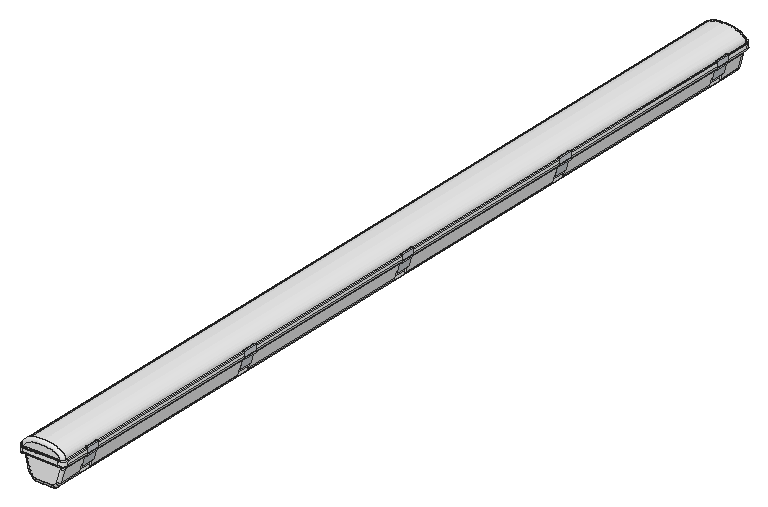
Revit family "0048831 Feilo Sylvania Lighting Fixture HYDROPROOF LED G3 1500MM S 4K QC MW", category Lighting Fixtures, host Face, Revit 2016
Family settings
  Host = Face
  Part Type = Normal
  Round Connector Dimension = Use Diameter
  OmniClass Number = 23.80.70.11.14
  OmniClass Title = General Luminaries, Directional
  Cut with Voids When Loaded = No
  Light Source = Yes
  Shared = No
  Room Calculation Point = No
Parameters (values of type "0048831 HYDROPROOF LED G3 1500MM S 4K QC MW")
  Width = 84 mm
  Weight = "2.32 kg"
  Wattage Comments = "n/a"
  Wattage = 32 W
  WarrantyStartDate [instance] = "n/a"
  WarrantyGuarantorParts = "n/a"
  WarrantyDurationUnit = "n/a"
  WarrantyDurationParts = "n/a"
  WarrantyDescription = "n/a"
  built-in parameter 1150110 = 1 (stored number, unit not read)
  Voltage = 230 V
  URL = "http://www.sylvania-lighting.com"
  TypeName = "HYDROPROOF LED G3 1500MM S 4K QC MW"
  Type Image = <None>
  Type Comments = "n/a"
  built-in parameter 1114217 = 1 (stored number, unit not read)
  Tilt Angle = -90.00°
  built-in parameter 1150109 = 1 (stored number, unit not read)
  built-in parameter 1150134 = 12
  built-in parameter 1150113 = 1 (stored number, unit not read)
  SerialNumber [instance] = "n/a"
  ReflectorMaterial = none
  PowerFactor = 0
  PowerConsumption = "32 W"
  Photometric Web File = "0048831.ies"
  NominalWidth = 0 mm
  NominalLength = 1578 mm
  NominalHeight = 75 mm
  Name = "HYDROPROOF LED G3 1500MM S 4K QC MW"
  ModelReference = "HYDROPROOF LED G3 1500MM S 4K QC MW"
  ModelNumber = "0048831"
  Model = "HYDROPROOF LED G3 1500MM S 4K QC MW"
  Material = "grp housing, pmma diffuser"
  ManufacturerName = "Feilo Sylvania"
  Manufacturer = "Feilo Sylvania"
  LuminousEfficacy = "155 lm/W"
  built-in parameter 1150105 = 394.7 (stored number, unit not read)
  Lumens = 4960 lm
  LuminaireType = ""
  built-in parameter 1150115 = 1 (stored number, unit not read)
  LightOutputRatio = "n/a"
  built-in parameter 1150137 = (empty or 0)
  built-in parameter 1150139 = (empty or 0)
  Length = 1572 mm
  LampsType = Lamp  # "LED"
  LampNominalLuminous = "4950 lm"
  LampMacAdamStep = "3"
  LampColourTemperature = "4000 K"
  LampColourRenderingIndex = "80"
  built-in parameter 1150112 = 1 (stored number, unit not read)
  built-in parameter 1150114 = 1 (stored number, unit not read)
  Lamp = "LED"
  Keynote = "16500"
  InstallationDate [instance] = "n/a"
  InputVoltage = "220-240V~"
  InputNominalFrequency = "50/60 Hz"
  built-in parameter 1150132 = (empty or 0)
  built-in parameter 1150102 = (empty or 0)
  built-in parameter 1150107 = 4000 (stored number, unit not read)
  built-in parameter 1150138 = (empty or 0)
  IngressProtection = "IP65"
  ImpactProtectionIndex = "IK02"
  built-in parameter 1150106 = 3.947 (stored number, unit not read)
  IfcExportType = "IfcLightFixtureType"
  IfcExportAs = "IfcLightFixtureType"
  ExpectedLife = 50000
  Emit from Rectangle Width = Width - 20 mm  # 64 mm
  Emit from Rectangle Length = Length - 20 mm  # 1552 mm
  Emit Shape Visible in Rendering = no
  ElectricShockClassification = "Class I"
  built-in parameter 1150104 = 14.4 (stored number, unit not read)
  DurationUnit = "hours"
  DocumentationLiterature = "http://www.sylvania-lighting.com/product/en-int/products/0048831"
  DimmingControlOptions = "Non dimmable"
  Dimming Lamp Color Temperature Shift = <None>
  DiffuserMaterial = Diffuser-Sylvania-Transparent
  Description = "Hydroproof, integrated LED chemical resistant weatherproof luminaire with quick connector, with UV stabilized flat diffuser and linear prisms designed to achieve uniform lit appearance, optimise light output and to reduce glare, stainless steel diffuser clips and fixing brackets for surface and wall mounting. L 1578 mm x W 84 mm x H 75 mm size, GRP housing, PMMA diffuser, Non dimmable,   4000K, CRI80,  4950 lm, 32 W, 155 lm/W, nominal average life (h):50000, energy class: A++ A+ A Class I,IK02, IP65."
  Default Elevation = 1219.2 mm
  CreatedOn = "3/27/2018"
  CreatedBy = "aron.fodor@feilosylvania.com"
  Cost = 0
  Color Filter = 16777215
  built-in parameter 1114216 [instance] = (empty or 0)
  ClassificationValue = "EF_70_80"
  ClassificationName = "Uniclass2015"
  BodyMaterial = Body-Sylvania-Gray
  BarCode [instance] = "n/a"
  built-in parameter 1114218 = 1 (stored number, unit not read)
  built-in parameter 1150133 = 10 (stored number, unit not read)
  AssetType = "Fixed"
  AssetIdentifier [instance] = "n/a"
  Assembly Code = "D5020200"
  Apparent Load = 32 VA
  AccessoryMaterial = Diffuser-Sylvania-Glow
Reference planes
  plane 1 "Center (Front/Back)": y = 0
  plane 2: z = 0
  plane 3 "Center (Left/Right)": x = 0
  plane 4: z = 54
  plane 5: x = -14.7
  plane 6: x = -21.8
  plane 7: x = -26.6
  plane 8: x = -29.2
  plane 9: z = 3
  plane 10: z = 7.8
  plane 11: z = 12.3
  plane 12: z = 36.6
  plane 13: z = 42.8
  plane 14: x = -38.1
  plane 15: z = 46.2
  plane 16: x = -42
  plane 17: y = 786
  plane 18: y = -786
  plane 19: x = 14.7
  plane 20: x = 21.8
  plane 21: x = 26.6
  plane 22: x = 29.2
  plane 23: x = 38.1
  plane 24: x = 42
  plane 25: y = 778.4
  plane 26: y = -778.4
  plane 27: y = -774.7
  plane 28: y = 774.7
  plane 29: z = 74
  plane 30: x = -38.5
  plane 31: x = 38.5
  plane 32: z = 55.2
  plane 33: y = -782.5
  plane 34: y = 782.5
  plane 35: x = -24.5
  plane 36: x = 24.5
  plane 37: x = -35.7
  plane 38: x = 35.7
  plane 39: z = 50.2
  plane 40: z = 24.6
  plane 41: y = -720
  plane 42: y = -734
  plane 43: y = -706
  plane 44: y = 720
  plane 45: y = -720
  plane 46: y = -734
  plane 47: y = -706
  plane 48: y = 720
  plane 49: y = 706
  plane 50: y = 734
  plane 51: y = -360
  plane 52: y = -374
  plane 53: y = -346
  plane 54: y = 0
  plane 55: y = -14
  plane 56: y = 14
  plane 57: y = 360
  plane 58: y = 346
  plane 59: y = 374
Forms (mm)
  Sweep 1, solid, material "Body-Sylvania-Gray" <- "BodyMaterial", detail levels medium+fine
    path origin (1223.4, -4572, 54) x (0, -1, 0) y (1, 0, 0)
      loop
        arc (-3796, -1265.4) -> (-3788.929, -1262.471) -> (-3786, -1255.4) r 10
        line (-3786, -1255.4) -> (-3786, -1191.4)
        arc (-3786, -1191.4) -> (-3788.929, -1184.329) -> (-3796, -1181.4) r 10
        line (-3796, -1181.4) -> (-5348, -1181.4)
        arc (-5348, -1181.4) -> (-5355.071, -1184.329) -> (-5358, -1191.4) r 10
        line (-5358, -1191.4) -> (-5358, -1255.4)
        arc (-5358, -1255.4) -> (-5355.071, -1262.471) -> (-5348, -1265.4) r 10
        line (-5348, -1265.4) -> (-3796, -1265.4)
    profile origin (-42, 0, 54) x (-1, 0, 0) y (0, 0, 1)
      loop
        line (0, 0) -> (-1, 0) -> (-1, -7.726)
        arc (-1, -7.726) -> (-1.994, -9.498) -> (-3.9, -10.2) r 2.937
        line (-3.9, -10.2) -> (-8.571, -10.2) -> (-8.571, -11.2) -> (-3.9, -11.2)
        arc (-3.9, -11.2) -> (-1.313, -10.231) -> (0, -7.8) r 3.937
        line (0, -7.8) -> (0, 0)
  Sweep 2, solid, material "Body-Sylvania-Gray" <- "BodyMaterial", detail levels medium+fine
    path origin (0, 0, 0) x (1, 0, 0) y (0, 0, 1)
      loop
        line (35.7, 42.8) -> (35.7, 36.6) -> (29.203, 12.31)
        arc (29.203, 12.31) -> (28.199, 9.884) -> (26.6, 7.8) r 10.052
        line (26.6, 7.8) -> (21.8, 3)
        arc (21.8, 3) -> (18.554, 0.781) -> (14.7, 0) r 9.902
        line (14.7, 0) -> (0, 0) -> (-14.7, 0)
        arc (-14.7, 0) -> (-18.554, 0.781) -> (-21.8, 3) r 9.902
        line (-21.8, 3) -> (-26.6, 7.8)
        arc (-26.6, 7.8) -> (-28.199, 9.884) -> (-29.203, 12.31) r 10.052
        line (-29.203, 12.31) -> (-35.7, 36.6) -> (-35.7, 42.8)
    profile origin (0, 0, 0) x (0, 0, -1) y (0, -1, 0)
      loop
        arc (0, 773.4) -> (-1.464, 776.936) -> (-5, 778.4) r 5
        line (-5, 778.4) -> (-7.8, 778.4) -> (-7.8, -778.4) -> (-5, -778.4)
        arc (-5, -778.4) -> (-1.464, -776.936) -> (0, -773.4) r 5
        line (0, -773.4) -> (0, 773.4)
  Extrusion 3, solid, material "Body-Sylvania-Gray" <- "BodyMaterial", detail levels medium+fine
    sketch origin (1524, 778.4, 1219.2) x (1, 0, 0) y (0, 0, 1)
      loop
        arc (-1545.668, -1204.874) -> (-1545.443, -1205.418) -> (-1545.085, -1205.885) r 2.252
        line (-1545.085, -1205.885) -> (-1540.231, -1210.738)
        arc (-1540.231, -1210.738) -> (-1539.534, -1211.227) -> (-1538.7, -1211.4) r 2.102
        line (-1538.7, -1211.4) -> (-1509.3, -1211.4)
        arc (-1509.3, -1211.4) -> (-1508.466, -1211.227) -> (-1507.769, -1210.738) r 2.102
        line (-1507.769, -1210.738) -> (-1502.915, -1205.885)
        arc (-1502.915, -1205.885) -> (-1502.557, -1205.418) -> (-1502.332, -1204.874) r 2.252
        line (-1502.332, -1204.874) -> (-1496.1, -1181.575) -> (-1496.1, -1176.4) -> (-1551.9, -1176.4) -> (-1551.9, -1181.575) -> (-1545.668, -1204.874)
    from 0 to 1556.8
  Sweep 4, solid, material "Diffuser-Sylvania-Transparent" <- "DiffuserMaterial", detail levels medium+fine
    path origin (0, 0, 0) x (1, 0, 0) y (0, 0, 1)
      loop
        spline (-38.5, 55.2) -> (-37.188, 60.066) -> (-33.342, 64.6) -> (-27.224, 68.494) -> (-19.25, 71.481) -> (-9.965, 73.359) -> (0, 74) -> (9.965, 73.359) -> (19.25, 71.481) -> (27.224, 68.494) -> (33.342, 64.6) -> (37.188, 60.066) -> (38.5, 55.2)
    profile origin (38.5, 0, 55.2) x (0, -1, 0) y (1, 0, 0)
      loop
        arc (782.5, -5.5) -> (780.889, -1.611) -> (777, 0) r 5.5
        line (777, 0) -> (-777, 0)
        arc (-777, 0) -> (-780.889, -1.611) -> (-782.5, -5.5) r 5.5
        line (-782.5, -5.5) -> (-782.5, -6.3) -> (-781.5, -6.3) -> (-781.5, -5.5)
        arc (-781.5, -5.5) -> (-780.182, -2.318) -> (-777, -1) r 4.5
        line (-777, -1) -> (777, -1)
        arc (777, -1) -> (780.182, -2.318) -> (781.5, -5.5) r 4.5
        line (781.5, -5.5) -> (781.5, -6.347) -> (782.5, -6.347) -> (782.5, -5.5)
  Extrusion 5, solid, material "Diffuser-Sylvania-Transparent" <- "DiffuserMaterial", detail levels medium+fine
    sketch origin (1524, -782.5, 1219.2) x (1, 0, 0) y (0, 0, 1)
      loop
        line (-1556.653, -1164) -> (-1491.347, -1164)
        spline (-1491.347, -1164) -> (-1491.939, -1161.945) -> (-1494.434, -1159.066) -> (-1499.342, -1155.96) -> (-1506.338, -1153.35) -> (-1514.799, -1151.648) -> (-1524, -1151.047) -> (-1533.201, -1151.648) -> (-1541.662, -1153.35) -> (-1548.658, -1155.96) -> (-1553.566, -1159.066) -> (-1556.061, -1161.945) -> (-1556.653, -1164)
    from 0 to -1
  Extrusion 6, solid, material "Diffuser-Sylvania-Transparent" <- "DiffuserMaterial", detail levels medium+fine
    sketch origin (1524, 782.5, 1219.2) x (1, 0, 0) y (0, 0, 1)
      loop
        spline (-1491.3, -1164) -> (-1491.898, -1161.922) -> (-1494.404, -1159.03) -> (-1499.322, -1155.918) -> (-1506.325, -1153.305) -> (-1514.793, -1151.602) -> (-1524, -1151) -> (-1533.207, -1151.602) -> (-1541.675, -1153.305) -> (-1548.678, -1155.918) -> (-1553.596, -1159.03) -> (-1556.102, -1161.922) -> (-1556.7, -1164)
        line (-1556.7, -1164) -> (-1491.3, -1164)
    from 0 to 1
  Extrusion 7, solid, material "Diffuser-Sylvania-Glow" <- "AccessoryMaterial", detail levels fine
    sketch origin (0, 0, 0) x (1, 0, 0) y (0, 0, 1)
      loop
        circle (0, 50.2) r 8
    from -774.7 to 774.7
  Extrusion 8, void
    sketch origin (0, -720, 2343.807) x (0, 0, -1) y (-1, 0, 0)
      loop
        line (2340.807, -24.5) -> (2331.507, -24.5) -> (2319.207, -29.2) -> (2319.207, -35.7) -> (2340.807, -35.7) -> (2340.807, -24.5)
      loop
        line (2340.807, 24.5) -> (2340.807, 35.7) -> (2319.207, 35.7) -> (2319.207, 29.2) -> (2331.507, 24.5) -> (2340.807, 24.5)
    from 14 to -14
  Extrusion 9, void, not visible
    sketch origin (0, -720, 2343.807) x (0, 0, -1) y (-1, 0, 0)
      loop
        line (2340.807, -24.5) -> (2331.507, -24.5) -> (2319.207, -29.2) -> (2319.207, -35.7) -> (2340.807, -35.7) -> (2340.807, -24.5)
      loop
        line (2340.807, 24.5) -> (2340.807, 35.7) -> (2319.207, 35.7) -> (2319.207, 29.2) -> (2331.507, 24.5) -> (2340.807, 24.5)
    from 14 to -14
  Extrusion 10, void
    sketch origin (0, 720, 2343.807) x (0, 0, -1) y (-1, 0, 0)
      loop
        line (2340.807, -24.5) -> (2331.507, -24.5) -> (2319.207, -29.2) -> (2319.207, -35.7) -> (2340.807, -35.7) -> (2340.807, -24.5)
      loop
        line (2340.807, 24.5) -> (2340.807, 35.7) -> (2319.207, 35.7) -> (2319.207, 29.2) -> (2331.507, 24.5) -> (2340.807, 24.5)
    from 14 to -14
  Extrusion 11, void
    sketch origin (0, -360, 2343.807) x (0, 0, -1) y (-1, 0, 0)
      loop
        line (2340.807, -24.5) -> (2331.507, -24.5) -> (2319.207, -29.2) -> (2319.207, -35.7) -> (2340.807, -35.7) -> (2340.807, -24.5)
      loop
        line (2340.807, 24.5) -> (2340.807, 35.7) -> (2319.207, 35.7) -> (2319.207, 29.2) -> (2331.507, 24.5) -> (2340.807, 24.5)
    from 14 to -14
  Extrusion 12, void
    sketch origin (0, 0, 2343.807) x (0, 0, -1) y (-1, 0, 0)
      loop
        line (2340.807, -24.5) -> (2331.507, -24.5) -> (2319.207, -29.2) -> (2319.207, -35.7) -> (2340.807, -35.7) -> (2340.807, -24.5)
      loop
        line (2340.807, 24.5) -> (2340.807, 35.7) -> (2319.207, 35.7) -> (2319.207, 29.2) -> (2331.507, 24.5) -> (2340.807, 24.5)
    from 14 to -14
  Extrusion 13, void
    sketch origin (0, 360, 2343.807) x (0, 0, -1) y (-1, 0, 0)
      loop
        line (2340.807, -24.5) -> (2331.507, -24.5) -> (2319.207, -29.2) -> (2319.207, -35.7) -> (2340.807, -35.7) -> (2340.807, -24.5)
      loop
        line (2340.807, 24.5) -> (2340.807, 35.7) -> (2319.207, 35.7) -> (2319.207, 29.2) -> (2331.507, 24.5) -> (2340.807, 24.5)
    from 14 to -14
  Extrusion 14, solid, material "Diffuser-Sylvania-Transparent" <- "DiffuserMaterial", detail levels medium+fine
    sketch origin (1223.4, -4572, 54) x (0, -1, 0) y (-1, 0, 0)
      loop
        arc (-5348, 1265.4) -> (-5355.071, 1262.471) -> (-5358, 1255.4) r 10
        line (-5358, 1255.4) -> (-5358, 1191.4)
        arc (-5358, 1191.4) -> (-5355.071, 1184.329) -> (-5348, 1181.4) r 10
        line (-5348, 1181.4) -> (-3796, 1181.4)
        arc (-3796, 1181.4) -> (-3788.929, 1184.329) -> (-3786, 1191.4) r 10
        line (-3786, 1191.4) -> (-3786, 1255.4)
        arc (-3786, 1255.4) -> (-3788.929, 1262.471) -> (-3796, 1265.4) r 10
        line (-3796, 1265.4) -> (-5348, 1265.4)
      loop
        arc (-5354.5, 1190.394) -> (-5352.887, 1186.509) -> (-5349, 1184.9) r 5.5
        line (-5349, 1184.9) -> (-3795, 1184.9)
        arc (-3795, 1184.9) -> (-3791.113, 1186.509) -> (-3789.5, 1190.394) r 5.5
        line (-3789.5, 1190.394) -> (-3789.5, 1256.406)
        arc (-3789.5, 1256.406) -> (-3791.113, 1260.291) -> (-3795, 1261.9) r 5.5
        line (-3795, 1261.9) -> (-5349, 1261.9)
        arc (-5349, 1261.9) -> (-5352.887, 1260.291) -> (-5354.5, 1256.406) r 5.5
        line (-5354.5, 1256.406) -> (-5354.5, 1190.394)
    from 0 to -1.2
  Extrusion 15, solid, material "Body-Sylvania-Gray" <- "BodyMaterial", detail levels coarse
    sketch origin (0, 0, 0) x (1, 0, 0) y (0, 0, 1)
      loop
        line (-42, 55.2) -> (-42, 42.8) -> (-26.6, 0) -> (26.6, 0) -> (42, 42.8) -> (42, 55.2) -> (-42, 55.2)
    from -786 to 786
  Extrusion 16, solid, material "Diffuser-Sylvania-Transparent" <- "DiffuserMaterial", detail levels coarse
    sketch origin (0, 0, 0) x (1, 0, 0) y (0, 0, 1)
      loop
        line (-38.5, 55.2) -> (38.5, 55.2)
        arc (38.5, 55.2) -> (0, 74) -> (-38.5, 55.2) r 48.822
    from -778.4 to 778.4
Cuts and joins
  Extrusion 8, Extrusion 10, Extrusion 11, Extrusion 12, Extrusion 13 cuts Sweep 2
  Extrusion 8, Extrusion 10, Extrusion 11, Extrusion 12, Extrusion 13 cuts Extrusion 3
  joined: Sweep 2, Extrusion 3
  joined: Sweep 4, Extrusion 5, Extrusion 6, Extrusion 14
Dimensions and locks
  locked: plane 4 to plane 2 at 54
  plane 5 to plane 6 to plane 7 to plane 8 to plane 14 to plane 16 = 7.1 mm locked, 4.8 mm locked, 2.6 mm locked, 8.9 mm locked, 3.9 mm locked
  plane 4 to plane 15 to plane 13 to plane 12 to plane 11 to plane 10 to plane 9 = 7.8 mm locked, 3.4 mm, 6.2 mm locked, 24.3 mm locked, 4.5 mm locked, 4.8 mm locked
  equal spacing: plane 18, plane 1 "Center (Front/Back)", plane 17
  "Length": plane 18 to plane 17
  plane 19 to plane 20 to plane 21 to plane 22 to plane 23 to plane 24 = 7.1 mm locked, 4.8 mm locked, 2.6 mm locked, 8.9 mm, 3.9 mm
  equal spacing: plane 24, plane 3 "Center (Left/Right)", plane 16
  "Width": plane 24 to plane 16
  equal spacing: plane 27, plane 1 "Center (Front/Back)", plane 28
  locked: plane 26 to plane 27 at 3.7
  locked: Sweep 1 sketch curve to profile plane at 1
  locked: Sweep 1 sketch curve to plane 13 at 1
  locked: Sweep 1 sketch curve to plane 13 at 3.937  (x2)
  locked: Sweep 1 sketch curve to profile plane at 3.9  (x2)
  plane 29 to plane 4 = 20 mm
  equal spacing: plane 31, plane 3 "Center (Left/Right)", plane 30
  locked: plane 30 to plane 16 at 3.5
  locked: plane 32 to plane 4 at 1.2
  equal spacing: plane 33, plane 1 "Center (Front/Back)", plane 34
  equal spacing: plane 36, plane 3 "Center (Left/Right)", plane 35
  locked: plane 34 to plane 17 at 3.5
  equal spacing: plane 38, plane 3 "Center (Left/Right)", plane 37
  locked: plane 37 to plane 16 at 6.3
  equal spacing: plane 25, plane 1 "Center (Front/Back)", plane 26
  locked: plane 17 to plane 25 at 7.6
  locked: Sweep 2 sketch curve to plane 2 at 5  (x2)
  locked: Sweep 2 sketch curve to plane 26 at 5
  locked: plane 25 to Sweep 2 sketch curve at 5
  locked: Sweep 4 sketch curve to plane 31 at 5.5  (x2)
  locked: Sweep 4 sketch curve to plane 34 at 5.5
  plane 33 to Sweep 4 sketch curve = 5.5 mm
  locked: plane 34 to Sweep 4 sketch curve at 1
  locked: Sweep 4 sketch curve to plane 31 at 1
  locked: Sweep 4 sketch curve to Sweep 4 sketch curve at 1
  locked: Sweep 4 sketch curve to plane 31 at 6.347
  locked: Sweep 4 sketch curve to plane 31 at 6.3
  locked: plane 40 to plane 2 at 24.6
  locked: plane 6 to plane 35 at 2.7
  locked: plane 1 "Center (Front/Back)" to plane 41 at 720
  plane 43 to plane 41 to plane 42 = 14 mm locked, 14 mm locked
  locked: plane 44 to plane 1 "Center (Front/Back)" at 720
  plane 47 to plane 45 to plane 46 = 14 mm locked, 14 mm locked
  plane 50 to plane 48 to plane 49 = 14 mm locked, 14 mm locked  (x2)
  equal spacing: group 1, group 6, group 7, group 8, group 5  (x3)
  plane 53 to plane 51 to plane 52 = 14 mm locked, 14 mm locked  (x2)
  plane 56 to plane 54 to plane 55 = 14 mm locked, 14 mm locked  (x2)
  plane 59 to plane 57 to plane 58 = 14 mm locked, 14 mm locked  (x2)
  plane 48 to plane 57 to plane 1 "Center (Front/Back)" to plane 51 to plane 41 = 360 mm locked, 360 mm locked, 360 mm locked, 360 mm locked
  aligned and locked: plane 2 to host face
  aligned and locked: level to host face
  aligned and locked: plane 16 to Sweep 1 sketch curve
  aligned and locked: Sweep 1 sketch curve to plane 24
  aligned and locked: plane 18 to Sweep 1 sketch curve
  aligned and locked: Sweep 1 sketch curve to plane 13
  aligned and locked: profile plane to Sweep 1 sketch curve
  aligned and locked: plane 3 "Center (Left/Right)" to Sweep 2 sketch curve
  aligned and locked: plane 9 to Sweep 2 sketch curve
  aligned and locked: plane 10 to Sweep 2 sketch curve
  aligned and locked: plane 37 to Sweep 2 sketch curve
  aligned and locked: plane 12 to Sweep 2 sketch curve
  aligned and locked: Sweep 2 sketch curve to level
  aligned and locked: plane 21 to Sweep 2 sketch curve
  aligned and locked: plane 38 to Sweep 2 sketch curve
  aligned and locked: profile plane to Sweep 2 sketch curve
  aligned and locked: plane 25 to Sweep 2 sketch curve
  aligned and locked: Sweep 2 sketch curve to plane 10
  aligned and locked: Extrusion 3 sketch curve to Sweep 2  (x7)
  aligned and locked: Sweep 2 to Extrusion 3 sketch curve
  aligned and locked: Extrusion 3 to plane 25
  aligned and locked: plane 26 to Extrusion 3
  aligned and locked: plane 32 to Sweep 4 sketch curve
  aligned and locked: plane 33 to Sweep 4 sketch curve
  aligned and locked: Sweep 4 to Extrusion 5
  aligned and locked: plane 33 to Extrusion 5
  aligned and locked: plane 39 to Extrusion 7 sketch curve
  aligned and locked: plane 27 to Extrusion 7
  aligned and locked: Extrusion 7 to plane 28
  aligned and locked: Extrusion 6 sketch curve to Sweep 4
  aligned and locked: Extrusion 5 sketch curve to Sweep 4
  aligned and locked: Extrusion 8 to plane 43
  aligned and locked: plane 42 to Extrusion 8
  aligned and locked: Extrusion 10 to plane 50
  aligned and locked: plane 49 to Extrusion 10
  aligned and locked: Extrusion 11 to plane 53
  aligned and locked: plane 52 to Extrusion 11
  aligned and locked: Extrusion 12 to plane 56
  aligned and locked: plane 55 to Extrusion 12
  aligned and locked: Extrusion 13 to plane 59
  aligned and locked: plane 58 to Extrusion 13
  aligned and locked: plane 3 "Center (Left/Right)" to Extrusion 7 sketch curve
  aligned and locked: Extrusion 14 sketch curve to Sweep 1  (x4)
  aligned and locked: Extrusion 14 to plane 32
  aligned and locked: plane 4 to Extrusion 14
  aligned and locked: plane 48 to nested 1
  aligned and locked: plane 57 to nested 2
  aligned and locked: plane 54 to nested 3
  aligned and locked: nested 4 to plane 51
  aligned and locked: nested 5 to plane 41
  aligned and locked: plane 41 to nested 10
  aligned and locked: plane 51 to nested 9
  aligned and locked: plane 54 to nested 8
  aligned and locked: plane 57 to nested 7
  aligned and locked: plane 48 to nested 6
  aligned and locked: plane 1 "Center (Front/Back)" to imposter light
  aligned and locked: plane 3 "Center (Left/Right)" to imposter light
  aligned and locked: imposter light to plane 29
  aligned and locked: plane 7 to Extrusion 15 sketch curve
  aligned and locked: plane 2 to Extrusion 15 sketch curve
  aligned and locked: Extrusion 15 sketch curve to nested 6
  aligned and locked: Extrusion 15 sketch curve to nested 1
  aligned and locked: plane 18 to Extrusion 15
  aligned and locked: Extrusion 15 to plane 17
  aligned and locked: Extrusion 15 to Sweep 1  (x2)
  aligned and locked: plane 30 to Extrusion 16 sketch curve
  aligned and locked: plane 31 to Extrusion 16 sketch curve
  aligned and locked: Extrusion 16 sketch curve to cut or joined group of Sweep 4, Extrusion 5, Extrusion 6, Extrusion 14
  aligned and locked: Extrusion 16 to plane 25
  aligned and locked: plane 26 to Extrusion 16
Automatic sketch dimensions
  host sketch curve to host sketch curve = 2438.4 mm  (x2)
  plane 17 to Sweep 1 sketch curve = 0 mm
  Sweep 1 sketch curve to plane 28 = 1.3 mm
  Sweep 1 sketch curve to plane 7 = 5.4 mm
  plane 27 to Sweep 1 sketch curve = 1.3 mm  (x2)
  Sweep 1 sketch curve to Sweep 1 sketch curve = 4.671 mm
  Sweep 1 sketch curve to plane 4 = 0 mm
  Sweep 2 sketch curve to plane 7 = 0 mm
  Sweep 2 sketch curve to plane 6 = 0 mm
  Sweep 2 sketch curve to plane 5 = 0 mm
  plane 19 to Sweep 2 sketch curve = 0 mm
  Sweep 2 sketch curve to plane 9 = 0 mm
  plane 20 to Sweep 2 sketch curve = 0 mm
  Sweep 2 sketch curve to plane 12 = 0 mm
  Sweep 2 sketch curve to plane 10 = 0 mm
  Sweep 2 sketch curve to plane 13 = 0 mm  (x2)
  Sweep 2 sketch curve to plane 8 = 0.003 mm
  plane 6 to Sweep 2 sketch curve = 2.308 mm
  plane 20 to Sweep 2 sketch curve = 2.308 mm
  Sweep 2 sketch curve to plane 22 = 0.003 mm
  Sweep 2 sketch curve to plane 11 = 0.01 mm  (x2)
  Extrusion 3 sketch curve to plane 5 = 0 mm
  plane 19 to Extrusion 3 sketch curve = 0 mm
  plane 6 to Extrusion 3 sketch curve = 0.132 mm
  plane 6 to Extrusion 3 sketch curve = 0.715 mm
  Extrusion 3 sketch curve to Extrusion 3 sketch curve = 1.592 mm
  Extrusion 3 sketch curve to plane 10 = 0.662 mm  (x2)
  plane 20 to Extrusion 3 sketch curve = 2.308 mm
  plane 20 to Extrusion 3 sketch curve = 0.715 mm
  plane 20 to Extrusion 3 sketch curve = 0.132 mm
  Sweep 4 sketch curve to plane 30 = 0 mm
  Sweep 4 sketch curve to plane 3 "Center (Left/Right)" = 0 mm
  Sweep 4 sketch curve to Sweep 4 sketch curve = 0 mm  (x2)
  plane 37 to Extrusion 6 sketch curve = 3 mm
  Extrusion 6 sketch curve to plane 38 = 3 mm
  plane 37 to Extrusion 5 sketch curve = 3.047 mm
  Extrusion 5 sketch curve to plane 38 = 3.047 mm
  Extrusion 8 sketch curve to Extrusion 8 sketch curve = 0 mm
  Extrusion 8 sketch curve to Extrusion 8 sketch curve = 12.3 mm  (x2)
  Extrusion 8 sketch curve to Extrusion 8 sketch curve = 9.3 mm  (x2)
  Extrusion 8 sketch curve to Extrusion 8 sketch curve = 6.5 mm  (x2)
  Extrusion 8 sketch curve to Extrusion 8 sketch curve = 4.7 mm  (x2)
  Extrusion 8 sketch curve to Extrusion 8 sketch curve = 49 mm
  Extrusion 9 sketch curve to Extrusion 9 sketch curve = 0 mm
  Extrusion 9 sketch curve to Extrusion 9 sketch curve = 12.3 mm  (x2)
  Extrusion 9 sketch curve to Extrusion 9 sketch curve = 9.3 mm  (x2)
  Extrusion 9 sketch curve to Extrusion 9 sketch curve = 6.5 mm  (x2)
  Extrusion 9 sketch curve to Extrusion 9 sketch curve = 4.7 mm  (x2)
  Extrusion 9 sketch curve to Extrusion 9 sketch curve = 49 mm
  Extrusion 10 sketch curve to Extrusion 10 sketch curve = 0 mm
  Extrusion 10 sketch curve to Extrusion 10 sketch curve = 12.3 mm  (x2)
  Extrusion 10 sketch curve to Extrusion 10 sketch curve = 9.3 mm  (x2)
  Extrusion 10 sketch curve to Extrusion 10 sketch curve = 6.5 mm  (x2)
  Extrusion 10 sketch curve to Extrusion 10 sketch curve = 4.7 mm  (x2)
  Extrusion 10 sketch curve to Extrusion 10 sketch curve = 49 mm
  Extrusion 11 sketch curve to Extrusion 11 sketch curve = 0 mm
  Extrusion 11 sketch curve to Extrusion 11 sketch curve = 12.3 mm  (x2)
  Extrusion 11 sketch curve to Extrusion 11 sketch curve = 9.3 mm  (x2)
  Extrusion 11 sketch curve to Extrusion 11 sketch curve = 6.5 mm  (x2)
  Extrusion 11 sketch curve to Extrusion 11 sketch curve = 4.7 mm  (x2)
  Extrusion 11 sketch curve to Extrusion 11 sketch curve = 49 mm
  Extrusion 12 sketch curve to Extrusion 12 sketch curve = 0 mm
  Extrusion 12 sketch curve to Extrusion 12 sketch curve = 12.3 mm  (x2)
  Extrusion 12 sketch curve to Extrusion 12 sketch curve = 9.3 mm  (x2)
  Extrusion 12 sketch curve to Extrusion 12 sketch curve = 6.5 mm  (x2)
  Extrusion 12 sketch curve to Extrusion 12 sketch curve = 4.7 mm  (x2)
  Extrusion 12 sketch curve to Extrusion 12 sketch curve = 49 mm
  Extrusion 13 sketch curve to Extrusion 13 sketch curve = 0 mm
  Extrusion 13 sketch curve to Extrusion 13 sketch curve = 12.3 mm  (x2)
  Extrusion 13 sketch curve to Extrusion 13 sketch curve = 9.3 mm  (x2)
  Extrusion 13 sketch curve to Extrusion 13 sketch curve = 6.5 mm  (x2)
  Extrusion 13 sketch curve to Extrusion 13 sketch curve = 4.7 mm  (x2)
  Extrusion 13 sketch curve to Extrusion 13 sketch curve = 49 mm
  Extrusion 14 sketch curve to plane 34 = 0 mm
  plane 30 to Extrusion 14 sketch curve = 0 mm
  Extrusion 14 sketch curve to plane 31 = 0 mm
  plane 33 to Extrusion 14 sketch curve = 0 mm
  plane 25 to Extrusion 14 sketch curve = 1.4 mm  (x4)
  Extrusion 14 sketch curve to plane 26 = 1.4 mm  (x4)
  plane 37 to Extrusion 14 sketch curve = 2.694 mm  (x2)
  Extrusion 14 sketch curve to plane 38 = 2.694 mm  (x2)
  plane 21 to Extrusion 15 sketch curve = 0 mm
  Extrusion 15 sketch curve to plane 13 = 0 mm  (x2)
  Extrusion 15 sketch curve to plane 32 = 0 mm
  Extrusion 16 sketch curve to plane 40 = 0.578 mm
  radius of Extrusion 7 sketch curve = 8 mm
Nested families
  nested 1: "Clip" at (-29.2, 720, 24.6) x (-1, 0, 0) z (0, 0, 1), type "Clip", detail levels fine
  nested 2: "Clip" at (-29.2, 360, 24.6) x (-1, 0, 0) z (0, 0, 1), type "Clip", detail levels fine
  nested 3: "Clip" at (-29.2, 0, 24.6) x (-1, 0, 0) z (0, 0, 1), type "Clip", detail levels fine
  nested 4: "Clip" at (-29.2, -360, 24.6) x (-1, 0, 0) z (0, 0, 1), type "Clip", detail levels fine
  nested 5: "Clip" at (-29.2, -720, 24.6) x (-1, 0, 0) z (0, 0, 1), type "Clip", detail levels fine
  nested 6: "Clip" at (29.2, 720, 24.6), type "Clip", detail levels fine
  nested 7: "Clip" at (29.2, 360, 24.6), type "Clip", detail levels fine
  nested 8: "Clip" at (29.2, 0, 24.6), type "Clip", detail levels fine
  nested 9: "Clip" at (29.2, -360, 24.6), type "Clip", detail levels fine
  nested 10: "Clip" at (29.2, -720, 24.6), type "Clip", detail levels fine
Connectors
  electrical at (0, 0, 0), driven by "Apparent Load"
    settings: index 1, voltage 230 V, apparent load 32 VA, apparent load phase1 0 VA, apparent load phase2 0 VA, apparent load phase3 0 VA, power factor 0, load classification "Lighting", number of poles 1, system type 30, power factor state 1, is connector primary yes, connector utility no, sub classification motor no, connector description ""
Definition of nested family "Clip"
  Parameters (values of type "Clip")
    URL = "http://www.feilosylvania.com"
    Type Comments = "n/a"
    Model = "n/a"
    Manufacturer = "Feilo Sylvania"
    Keynote = "n/a"
    Description = "n/a"
    Default Elevation = 1219.2 mm
    Cost = 0
    BodyMaterial = none
    Assembly Code = "n/a"
  Reference planes
    plane 1 "Center (Front/Back)": y = 0
    plane 2: z = 0
    plane 3 "Center (Left/Right)": x = 0
    plane 4: x = 3.3
    plane 5: x = 6.5
    plane 6: x = 8.9
    plane 7: x = 12.8
    plane 8: z = 12
    plane 9: z = 18.2
    plane 10: z = 21.6
    plane 11: z = 30.6
    plane 12: x = 9.3
    plane 13: z = 19.2
    plane 14: z = 16.2
    plane 15: x = 10.1
    plane 16: y = 12
    plane 17: y = -12
  Forms (mm)
    Extrusion 1, solid
      sketch origin (-0.8, 0, 0) x (1, 0, 0) y (0, 1, 0)
        loop
          line (-1219.2, 1219.2) -> (-1219.2, -1219.2) -> (1219.2, -1219.2) -> (1219.2, 1219.2) -> (-1219.2, 1219.2)
      from 0 to -304.8
    Extrusion 2, solid
      sketch origin (0, 0, 0) x (1, 0, 0) y (0, 0, 1)
        loop
          line (8.9, 16.2) -> (4.58, 0) -> (0, 0) -> (0, -0.8) -> (5.195, -0.8) -> (9.603, 15.731) -> (13.6, 18.806) -> (13.6, 30.6)
          arc (13.6, 30.6) -> (11.45, 32.75) -> (9.3, 30.6) r 2.15
          line (9.3, 30.6) -> (10.1, 30.6)
          arc (10.1, 30.6) -> (11.45, 31.95) -> (12.8, 30.6) r 1.35
          line (12.8, 30.6) -> (12.8, 19.2) -> (8.9, 16.2)
      from -12 to 12
  Lines and regions (mm)
    reference lines
      curve 1: line (3.3, 0, 0) -> (6.5, 0, 12)
      curve 2: arc (8.9, 0, 18.2) -> (11.488, 0, 19.169) -> (12.8, 0, 21.6) r 3.934
  Dimensions and locks
    plane 7 to plane 6 to plane 5 to plane 4 to plane 3 "Center (Left/Right)" = 3.9 mm locked, 2.4 mm locked, 3.2 mm locked, 3.3 mm locked
    plane 11 to plane 10 to plane 9 to plane 8 to plane 2 = 9 mm locked, 3.4 mm locked, 6.2 mm locked, 12 mm locked
    locked: plane 7 to plane 12 at 3.5
    locked: plane 13 to plane 9 at 1
    locked: plane 9 to plane 14 at 2
    locked: plane 15 to plane 12 at 0.8
    locked: plane 2 to Extrusion 2 sketch curve at 0.8
    locked: Extrusion 2 sketch curve to Extrusion 2 sketch curve at 0.8  (x3)
    locked: plane 7 to Extrusion 2 sketch curve at 1.35
    equal spacing: plane 17, plane 1 "Center (Front/Back)", plane 16
    locked: plane 1 "Center (Front/Back)" to plane 16 at 12
    aligned and locked: plane 2 to Extrusion 1
    aligned and locked: level to Extrusion 1
    aligned and locked: plane 4 to curve 1
    aligned and locked: plane 5 to curve 1
    aligned and locked: plane 6 to curve 2
    aligned and locked: plane 10 to curve 2
    aligned and locked: plane 14 to Extrusion 2 sketch curve
    aligned and locked: plane 13 to Extrusion 2 sketch curve
    aligned and locked: plane 7 to Extrusion 2 sketch curve
    aligned and locked: plane 3 "Center (Left/Right)" to Extrusion 2 sketch curve
    aligned and locked: Extrusion 2 sketch curve to level
    aligned and locked: Extrusion 2 sketch curve to plane 11
    aligned and locked: plane 11 to Extrusion 2 sketch curve
    aligned and locked: Extrusion 2 to plane 16
    aligned and locked: plane 17 to Extrusion 2
  Automatic sketch dimensions
    Extrusion 1 sketch curve to Extrusion 1 sketch curve = 2438.4 mm  (x2)
    curve 2 to plane 7 = 0 mm
    curve 1 to level = 0 mm
    curve 1 to plane 8 = 0 mm
    curve 2 to plane 9 = 0 mm
    plane 6 to curve 2 = 0.002 mm
    Extrusion 2 sketch curve to Extrusion 2 sketch curve = 0 mm
    Extrusion 2 sketch curve to plane 6 = 0 mm
    plane 4 to Extrusion 2 sketch curve = 1.28 mm
